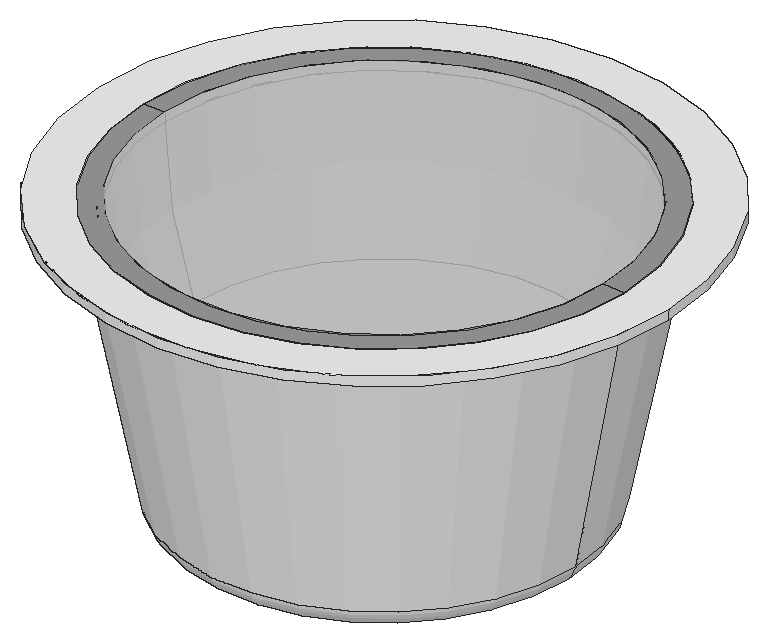
Revit family "2060576 Sylvania Lighting Fixture ASCENT 100 II ARCH 3700 4K STD EMG 160", category Lighting Fixtures, host Face, Revit 2016
Family settings
  Host = Face
  Part Type = Normal
  Round Connector Dimension = Use Diameter
  OmniClass Number = 23.80.70.11.17
  OmniClass Title = Specialized Lighting by Location or Use
  Cut with Voids When Loaded = No
  Light Source = Yes
  Shared = No
  Room Calculation Point = No
Parameters (values of type "2060576 ASCT100 II ARCH 3700 4K STD EMG 160 Emergency mode")
  WidthBezelAcc_SYL = 25.0 mm
  Weight = "1.92 kg"
  Wattage = 1.61017 W
  WarrantyStartDate [instance] = "n/a"
  WarrantyGuarantorParts = "n/a"
  WarrantyDurationUnit = "n/a"
  WarrantyDurationParts = "n/a"
  WarrantyDescription = "n/a"
  built-in parameter 1150110 = 1 (stored number, unit not read)
  Voltage = 0 V
  VisibilityAccessory_SYL = no
  TypeName = "ASCT100 II ARCH 3700 4K STD EMG 160 Emergency mode"
  built-in parameter 1114217 = 1 (stored number, unit not read)
  Tilt Angle = -90°
  built-in parameter 1150109 = 1 (stored number, unit not read)
  built-in parameter 1150134 = 12
  built-in parameter 1150113 = 1 (stored number, unit not read)
  SerialNumber [instance] = "n/a"
  ReflectorRadius_SYL = Radius_SYL - 14.5 mm  # 80.0 mm
  RadiusAcc_SYL = 105.0 mm
  Radius_SYL = 94.5 mm
  URL = "http://www.sylvania-lighting.com"
  PowerFactor = 0
  PowerConsumption = "32 W"
  Photometric Web File = "2060576EM.ies"
  NominalWidth = 0.0 mm
  NominalLength = 0.0 mm
  NominalHeight = 94.0 mm
  Name = "ASCT100 II ARCH 3700 4K STD EMG 160 Emergency mode"
  ModelReference = "ASCT100 II ARCH 3700 4K STD EMG 160 Emergency mode"
  ModelNumber = "2060576"
  Material_4_SYL = none
  Material_3_SYL = Polycarbonate_Sylvania_Ascent_Opal
  Material_2_SYL = Aluminium_Sylvania_Ascent_Silver
  Material_1_SYL = Aluminum_Sylvania_Ascent_White
  Material = "aluminium housing, arcylic diffuser"
  ManufacturerName = "Feilo Sylvania"
  LuminousEfficacy = "118 lm/W"
  built-in parameter 1150105 = 15.12 (stored number, unit not read)
  Lumens = 190 lm
  LuminaireType = ""
  built-in parameter 1150115 = 1 (stored number, unit not read)
  LightOutputRatio = "100"
  built-in parameter 1150137 = (empty or 0)
  built-in parameter 1150139 = (empty or 0)
  LampsType = Lamp  # "LED"
  LampNominalLuminous = "3766 lm"
  LampMacAdamStep = "3"
  LampColourTemperature = "4000 K"
  LampColourRenderingIndex = "80"
  built-in parameter 1150112 = 1 (stored number, unit not read)
  built-in parameter 1150114 = 1 (stored number, unit not read)
  Keynote = "16500"
  InstallationDate [instance] = "n/a"
  InputVoltage = "n/a"
  InputNominalFrequency = "n/a"
  built-in parameter 1150132 = (empty or 0)
  built-in parameter 1150102 = (empty or 0)
  built-in parameter 1150107 = 4000 (stored number, unit not read)
  built-in parameter 1150138 = (empty or 0)
  IngressProtection = "IP40"
  ImpactProtectionIndex = "IK02"
  built-in parameter 1150106 = 0.1512 (stored number, unit not read)
  IfcExportType = "IfcLightFixtureType"
  IfcExportAs = "IfcLightFixtureType"
  Height_SYL = 94.0 mm
  HeightAcc_SYL = 7.0 mm
  ExpectedLife = 50000
  EmittionSurface_SYL = if(VisibilityAccessory_SYL, 7.0 mm, 3.0 mm)  # 3.0 mm
  Emit from Circle Diameter = DiffuserRadius_SYL * 2  # 146.0 mm
  Emit Shape Visible in Rendering = no
  ElectricShockClassification = "Class II"
  built-in parameter 1150104 = 10.963 (stored number, unit not read)
  DurationUnit = "hours"
  DocumentationLiterature = "http://www.sylvania-lighting.com/product/en-int/products/2060576"
  DimmingControlOptions = "n/a"
  Dimming Lamp Color Temperature Shift = <None>
  DiffuserRadius_SYL = ReflectorRadius_SYL - 7.0 mm  # 73.0 mm
  Diameter_SYL = 2 * Radius_SYL  # 189.0 mm
  CutoutDiameter_SYL = Diameter_SYL - 13.0 mm  # 176.0 mm
  CreatedOn = "9/17/2018"
  CreatedBy = "@sylvania-lighting.com"
  Color Filter = 16777215
  built-in parameter 1114216 [instance] = 1 (stored number, unit not read)
  Model = "ASCT100 II ARCH 3700 4K STD EMG 160 Emergency mode"
  Manufacturer = "Feilo Sylvania"
  Lamp = "LED"
  Description = "Direct LED retro fit for original LED 100 Arch (160) single CFL lamp offering Matching lumen levels and improved light distribution of original LED 100 CFL lamp equivalents Typically half the power consumption compared to CFL Up to 112lm/W 160mm aperture Architectural reflector accepts range of glass accessories from existing LED 100 Arch 160 offering HE, HO and VHO versions equivalent of single 1 x 18W, 1 x 32W, 1 x 42W\r\n Additional VVHO versions which offer the performance circa 2 x 32W equivalent"  # constant formula
  Default Elevation = 0.0 mm
  built-in parameter 1140040 [instance] = 1
  BarCode [instance] = "n/a"
  built-in parameter 1114218 = 1 (stored number, unit not read)
  built-in parameter 1150133 = 10 (stored number, unit not read)
  AssetType = "Fixed"
  AssetIdentifier [instance] = "n/a"
  Assembly Code = "D5020200"
  Apparent Load = 1.61017 VA
  Aperture_SYL = 2 * ReflectorRadius_SYL  # 160.0 mm
Types (2, lengths in mm): name | Wattage | TypeName | Photometric Web File | Name | ModelReference | built-in parameter 1150105 | Lumens | built-in parameter 1150106 | Model | Apparent Load
  2060576 ASCT100 II ARCH 3700 4K STD EMG 160 Emergency mode | 1.61017 W | "ASCT100 II ARCH 3700 4K STD EMG 160 Emergency mode" | "2060576EM.ies" | "ASCT100 II ARCH 3700 4K STD EMG 160 Emergency mode" | "ASCT100 II ARCH 3700 4K STD EMG 160 Emergency mode" | 15.12 (stored number, unit not read) | 190 lm | 0.1512 (stored number, unit not read) | "ASCT100 II ARCH 3700 4K STD EMG 160 Emergency mode" | 1.61017 VA
  2060576 ASCT100 II ARCH 3700 4K STD EMG 160 | 32 W | "ASCENT 100 II ARCH 3700 4K STD EMG 160" | "2060576.ies" | "ASCENT 100 II ARCH 3700 4K STD EMG 160" | "ASCENT 100 II ARCH 3700 4K STD EMG 160" | 300.48 (stored number, unit not read) | 3776 lm | 3.0048 (stored number, unit not read) | "ASCENT 100 II ARCH 3700 4K STD EMG 160" | 32 VA
Reference planes
  plane 1 "Center (Front/Back)": y = 0
  plane 2: z = 0
  plane 3 "Center (Left/Right)": x = 0
  plane 4 "Fixture Bottom": z = 3
  plane 5: z = -52.5
  plane 6 "Fixture Top": z = -91
  plane 7: x = -105
  plane 8: z = 7
  plane 9: x = -80
  plane 10: z = 5
  plane 11: x = -103
Forms (mm)
  Extrusion 1, solid, material "Aluminum_Sylvania_Ascent_White", detail levels fine
    sketch origin (0, 0, 0) x (1, 0, 0) y (0, 1, 0)
      loop
        circle (0, 0) r 94.5
      loop
        circle (0, 0) r 80
    from 0 to 3
  Extrusion 2, void
    sketch origin (0, 0, 0) x (1, 0, 0) y (0, 1, 0)
      loop
        circle (0, 0) r 88
    from -91 to 3
  Revolve 3, solid, material "Aluminum_Sylvania_Ascent_White" <- "Material_1_SYL", detail levels fine
    sketch origin (0, 0, 0) x (1, 0, 0) y (0, 0, 1)
      loop
        line (0, -91.073) -> (0, -89.023) -> (-55.468, -89.014)
        arc (-55.468, -89.014) -> (-59.352, -87.613) -> (-61.54, -84.139) r 6.307
        line (-61.54, -84.139) -> (-77.991, -2.844) -> (-77.991, 0) -> (-80, 0) -> (-80, -3) -> (-63.5, -84.536)
        arc (-63.5, -84.536) -> (-60.643, -89.203) -> (-55.5, -91.073) r 8.291
        line (-55.5, -91.073) -> (0, -91.073)
      axis (0, 0) -> (0, -91.073)
    angle from 0 to 360
  Revolve 4, solid, material "Aluminium_Sylvania_Ascent_Silver" <- "Material_2_SYL", detail levels fine
    sketch origin (0, 0, 0) x (1, 0, 0) y (0, 0, 1)
      loop
        line (-80, 3) -> (-80, 0) -> (-75, 0)
        arc (-75, 0) -> (-72.349, -26.77) -> (-64.5, -52.5) r 136.5
        line (-64.5, -52.5) -> (-58, -52.5)
        arc (-58, -52.5) -> (-56.857, -61.521) -> (-53.5, -69.971) r 36.166
        line (-53.5, -69.971) -> (0, -69.971) -> (0, -50.5) -> (-63.16, -50.5)
        arc (-63.16, -50.5) -> (-70.517, -25.725) -> (-73, 0) r 134.5
        line (-73, 0) -> (-73, 3) -> (-80, 3)
      axis (0, 3) -> (0, -69.971)
    angle from 0 to 360
  Extrusion 5, solid, material "Polycarbonate_Sylvania_Ascent_Opal" <- "Material_3_SYL", detail levels fine
    sketch origin (0, 0, 0) x (1, 0, 0) y (0, 1, 0)
      loop
        circle (0, 0) r 73
    from 0 to 3
  Revolve 6, solid, material "Aluminum_Sylvania_Ascent_White" <- "Material_1_SYL", detail levels coarse+medium
    sketch origin (0, 0, 0) x (1, 0, 0) y (0, 0, 1)
      loop
        line (0, -91.073) -> (0, 3) -> (-94.5, 3) -> (-94.5, 0) -> (-79.5, 0) -> (-79.5, -3) -> (-63, -84.536)
        arc (-63, -84.536) -> (-60.143, -89.203) -> (-55, -91.073) r 8.291
        line (-55, -91.073) -> (0, -91.073)
      axis (0, 3) -> (0, -91.073)
    angle from 0 to 360
  Revolve 7, solid, material "Aluminum_Sylvania_Ascent_White" <- "Material_1_SYL", visible <- "VisibilityAccessory_SYL"
    sketch origin (0, 0, 0) x (1, 0, 0) y (0, 0, 1)
      loop
        line (-105, 0) -> (-103, 0) -> (-103, 5) -> (-80, 5) -> (-80, 7) -> (-105, 7) -> (-105, 0)
      axis (0, 7) -> (0, 0)
    angle from 0 to 360
  Revolve 8, solid, material "Polycarbonate_Sylvania_Ascent_Opal" <- "Material_3_SYL", visible <- "VisibilityAccessory_SYL"
    sketch origin (0, 0, 0) x (1, 0, 0) y (0, 0, 1)
      loop
        line (-80, 7) -> (-80, 5) -> (0, 5) -> (0, 7) -> (-80, 7)
      axis (0, 7) -> (0, 5)
    angle from 0 to 360
Lines and regions (mm)
  reference lines
    curve 1: line (-150, 0, 3) -> (125, 0, 3)
Dimensions and locks
  locked: plane 4 "Fixture Bottom" to plane 2 at 3
  "Height_SYL": plane 4 "Fixture Bottom" to plane 6 "Fixture Top"
  "ReflectorRadius_SYL": plane 3 "Center (Left/Right)" to Revolve 4 sketch curve
  locked: Revolve 4 sketch curve to Revolve 4 sketch curve at 15.5
  locked: Revolve 4 sketch curve to Revolve 4 sketch curve at 5
  locked: Revolve 4 sketch curve to Revolve 4 sketch curve at 7
  locked: Revolve 4 sketch curve to Revolve 4 sketch curve at 22
  locked: Revolve 4 sketch curve to Revolve 4 sketch curve at 26.5
  locked: Revolve 3 sketch curve to Revolve 3 sketch curve at 16.5
  locked: Revolve 3 sketch curve to Revolve 3 sketch curve at 24.5
  "ReflectorRadius_SYL": Revolve 3 sketch curve to plane 3 "Center (Left/Right)"
  locked: Revolve 3 sketch curve to plane 6 "Fixture Top" at 6.464
  locked: plane 2 to Revolve 3 sketch curve at 3
  locked: Revolve 3 sketch curve to Revolve 3 sketch curve at 2
  locked: Revolve 3 sketch curve to Revolve 3 sketch curve at 2.009
  locked: plane 2 to plane 5 at 52.5
  locked: Revolve 6 sketch curve to Revolve 6 sketch curve at 31.5
  locked: Revolve 6 sketch curve to Revolve 6 sketch curve at 39.5
  locked: Revolve 6 sketch curve to Revolve 6 sketch curve at 15
  "Radius_SYL": plane 3 "Center (Left/Right)" to Revolve 6 sketch curve
  "RadiusAcc_SYL": plane 3 "Center (Left/Right)" to plane 7
  "HeightAcc_SYL": plane 8 to level
  "WidthBezelAcc_SYL": plane 7 to plane 9
  locked: plane 7 to plane 11 at 2
  locked: plane 8 to plane 10 at 2
  "EmittionSurface_SYL": curve 1 to level
  "CutoutDiameter_SYL": diameter of Extrusion 2 sketch curve
  "ReflectorRadius_SYL": radius of Extrusion 1 sketch curve
  "DiffuserRadius_SYL": radius of Extrusion 5 sketch curve
  "Radius_SYL": radius of Extrusion 1 sketch curve
  aligned and locked: host face to plane 2
  aligned and locked: host face to level
  aligned and locked: plane 4 "Fixture Bottom" to Extrusion 1
  aligned and locked: Extrusion 1 to plane 2
  aligned and locked: Revolve 3 sketch curve to plane 3 "Center (Left/Right)"
  aligned and locked: Revolve 4 sketch curve to plane 3 "Center (Left/Right)"  (x2)
  aligned and locked: plane 4 "Fixture Bottom" to Revolve 4 sketch curve
  aligned and locked: Extrusion 5 to plane 2
  aligned and locked: plane 2 to Revolve 3 sketch curve  (x2)
  aligned and locked: Revolve 6 sketch curve to plane 3 "Center (Left/Right)"
  aligned and locked: plane 6 "Fixture Top" to Extrusion 2
  aligned and locked: Revolve 7 sketch curve to plane 3 "Center (Left/Right)"
  aligned and locked: host face to Revolve 7 sketch curve  (x2)
  aligned and locked: Revolve 7 sketch curve to plane 7
  aligned and locked: plane 8 to Revolve 7 sketch curve
  aligned and locked: plane 9 to Revolve 7 sketch curve
  aligned and locked: Revolve 7 sketch curve to plane 10
  aligned and locked: plane 11 to Revolve 7 sketch curve
  aligned and locked: Revolve 7 to Revolve 8 sketch curve
  aligned and locked: Revolve 8 sketch curve to Revolve 7  (x2)
  aligned and locked: Revolve 8 sketch curve to plane 3 "Center (Left/Right)"  (x2)
  aligned and locked: plane 3 "Center (Left/Right)" to imposter light
  aligned and locked: imposter light to plane 1 "Center (Front/Back)"
  aligned and locked: imposter light to curve 1
Automatic sketch dimensions
  plane 1 "Center (Front/Back)" to Extrusion 2 sketch curve = 0.0 mm
  Extrusion 2 sketch curve to plane 3 "Center (Left/Right)" = 0.0 mm
  Extrusion 1 sketch curve to Extrusion 1 sketch curve = 0.0 mm  (x2)
  plane 1 "Center (Front/Back)" to Extrusion 1 sketch curve = 0.0 mm
  Extrusion 1 sketch curve to plane 3 "Center (Left/Right)" = 0.0 mm
  plane 6 "Fixture Top" to Revolve 3 sketch curve = 0.073 mm
  Revolve 3 sketch curve to plane 6 "Fixture Top" = 6.861 mm
  Revolve 3 sketch curve to Revolve 3 sketch curve = 0.003 mm
  Revolve 3 sketch curve to Revolve 3 sketch curve = 0.009 mm  (x2)
  Revolve 3 sketch curve to Revolve 3 sketch curve = 0.023 mm
  Revolve 3 sketch curve to Revolve 3 sketch curve = 0.072 mm
  Revolve 3 sketch curve to Revolve 3 sketch curve = 0.008 mm
  Revolve 3 sketch curve to plane 6 "Fixture Top" = 1.977 mm
  Revolve 3 sketch curve to Revolve 3 sketch curve = 33.496 mm
  Revolve 3 sketch curve to Revolve 3 sketch curve = 0.028 mm
  plane 4 "Fixture Bottom" to Revolve 3 sketch curve = 82.431 mm
  Revolve 4 sketch curve to Revolve 4 sketch curve = 0.0 mm  (x2)
  Revolve 4 sketch curve to plane 5 = 0.0 mm
  Revolve 4 sketch curve to level = 0.0 mm
  plane 5 to Revolve 4 sketch curve = 2.0 mm
  plane 4 "Fixture Bottom" to Revolve 4 sketch curve = 9.642 mm
  plane 1 "Center (Front/Back)" to Extrusion 5 sketch curve = 0.0 mm
  Extrusion 5 sketch curve to plane 3 "Center (Left/Right)" = 0.0 mm
  Revolve 4 sketch curve to level = 69.971 mm
  Revolve 4 sketch curve to Revolve 4 sketch curve = 2.387 mm
  Revolve 6 sketch curve to level = 0.0 mm
  Revolve 6 sketch curve to plane 3 "Center (Left/Right)" = 0.0 mm
  Revolve 6 sketch curve to Revolve 6 sketch curve = 8.104 mm
  Revolve 6 sketch curve to level = 3.0 mm
  Revolve 6 sketch curve to plane 6 "Fixture Top" = 6.464 mm
  plane 6 "Fixture Top" to Revolve 6 sketch curve = 0.073 mm
  Revolve 6 sketch curve to Revolve 6 sketch curve = 33.496 mm
  plane 4 "Fixture Bottom" to Revolve 6 sketch curve = 82.431 mm
  host sketch curve to host sketch curve = 1704.996 mm
  host sketch curve to host sketch curve = 1500.0 mm
  plane 6 "Fixture Top" to Revolve 7 sketch curve = 281.274 mm
  Revolve 7 sketch curve to plane 8 = 1140.706 mm
  plane 6 "Fixture Top" to Revolve 8 sketch curve = 281.274 mm
  Revolve 8 sketch curve to Revolve 8 sketch curve = 1140.706 mm
  Revolve 3 sketch curve to plane 3 "Center (Left/Right)" = 0.0 mm
  Revolve 6 sketch curve to plane 4 "Fixture Bottom" = 0.0 mm
  plane 7 to curve 1 = 45.0 mm
  plane 3 "Center (Left/Right)" to curve 1 = 125.0 mm
Connectors
  electrical at (0, 0, -91.073), driven by "Apparent Load"
    settings: on Revolve 3, index 1, voltage 240 V, apparent load 0 VA, apparent load phase1 1.61017 VA, apparent load phase2 0 VA, apparent load phase3 0 VA, power factor 1, load classification "Lighting", number of poles 1, system type 31, power factor state 1, is connector primary yes, connector utility no, sub classification motor no, connector description ""
